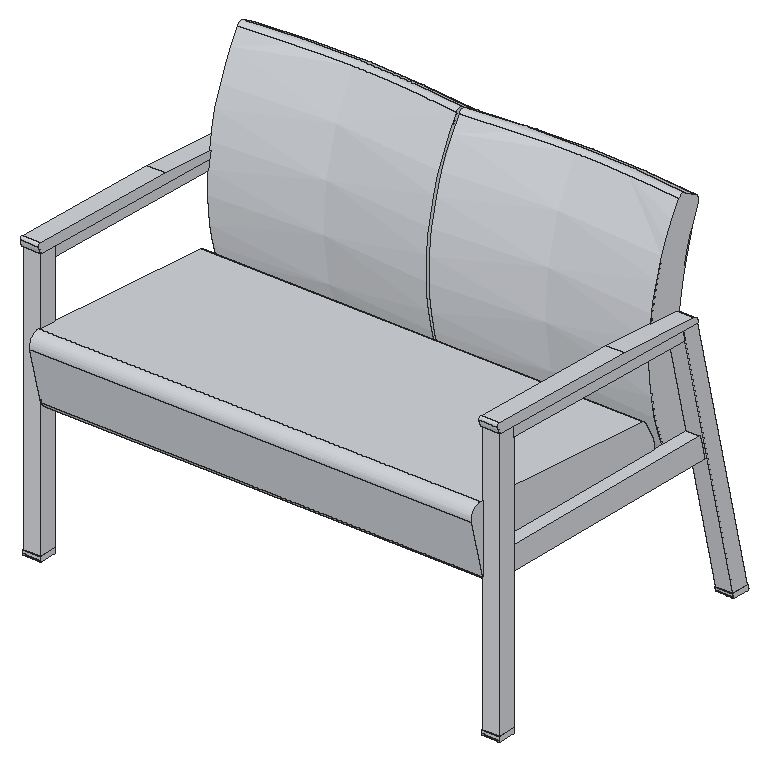
Revit family "Seat-LaZBoy-Kadia_Mod_Visitor_Seating-KAM20", category Furniture, Revit 2017
Family settings
  OmniClass Number = 23.40.20.00
  OmniClass Title = General Furniture and Specialties
  Work Plane-Based = No
  Always vertical = Yes
  Cut with Voids When Loaded = No
  Shared = No
  Room Calculation Point = No
Parameters (values of type "Load by Type Catalog")
  Width = 42.00"  # constant formula
  URL = "https://www.la-z-boy.com/"
  Seat Material [instance] = none
  Product Documentation Link = "URL"
  Model = "KAM20W"
  Manufacturer = "LaZBoy"
  Height = 33.25"  # constant formula
  Description = "2 Seat Guest Chair With Wood Arm Caps"
  Depth = 28.50"  # constant formula
  Copyright © = "Inc"
  Back Material [instance] = none
  Assembly Code = "E2020200"
  Armcap Material [instance] = none
  Arm Material [instance] = none
Reference planes (in)
  plane 1 "Center (Front/Back)": y = 0
  plane 2: z = 0
  plane 3 "Center (Left/Right)": x = 11.25
  plane 4: y = -14.25
  plane 5: x = -9.75
  plane 6: z = 33.25
  plane 7: y = 14.25
  plane 8: x = 32.25
  plane 9: x = -8.9375
  plane 10: x = 31.4375
  plane 11: x = 1.15625
  plane 12: x = 21.34375
  plane 13: y = 11.5704
Forms (in)
  Extrusion 1, solid, material <- "Seat Material"
    sketch origin (0, 0, 0) x (0, 1, 0) y (0, 0, 1)
      loop
        line (-14.20977, 17.31062) -> (-12.97981, 12.5796)
        arc (-12.97981, 12.5796) -> (-12.80573, 12.31297) -> (-12.50598, 12.20551) r 0.5
        line (-12.50598, 12.20551) -> (-11.38081, 12.18281)
        arc (-11.38081, 12.18281) -> (-11.29166, 12.21765) -> (-11.25325, 12.30532) r 0.12505
        line (-11.25325, 12.30532) -> (-11.20993, 14.45317) -> (5.29993, 14.12012)
        arc (5.29993, 14.12012) -> (5.65915, 14.23248) -> (5.8094, 14.57757) r 0.45291
        arc (5.8094, 14.57757) -> (5.74318, 15.0541) -> (5.56542, 15.50117) r 2.00636
        line (5.56542, 15.50117) -> (4.83996, 16.83345)
        arc (4.83996, 16.83345) -> (4.70704, 16.98141) -> (4.52178, 17.05378) r 0.43026
        arc (4.52178, 17.05378) -> (-4.32435, 18.04888) -> (-13.21148, 18.56177) r 163.74963
        arc (-13.21148, 18.56177) -> (-14.02361, 18.18593) -> (-14.20977, 17.31062) r 1
    from -8.1875 to 30.6875
  Sweep 2, solid, material <- "Back Material"
    path origin (22.5, -1.5, 0) x (-1, 0, 0) y (0, -1, 0)
      loop
        arc (-10.09375, -6.92517) -> (1.15625, -7.82281) -> (12.40625, -6.92517) r 70.94589
    profile origin (21.34375, 6.32281, 0) x (0, -1, 0) y (0, 0, 1)
      loop
        line (-3.5655, 32.99495) -> (-4.71401, 32.33185)
        arc (-4.71401, 32.33185) -> (-4.93628, 32.06306) -> (-4.92874, 31.71436) r 0.5
        arc (-4.92874, 31.71436) -> (-3.52285, 27.34395) -> (-2.71045, 22.82543) r 34.45688
        arc (-2.71045, 22.82543) -> (-2.6535, 21.40456) -> (-2.79866, 19.98997) r 10
        arc (-2.79866, 19.98997) -> (-3.52738, 16.86523) -> (-4.59893, 13.84086) r 28.8197
        arc (-4.59893, 13.84086) -> (-4.50884, 12.90083) -> (-3.6764, 12.45494) r 1
        line (-3.6764, 12.45494) -> (-2.13639, 12.45494)
        arc (-2.13639, 12.45494) -> (-1.87058, 12.53145) -> (-1.68612, 12.73757) r 0.5
        arc (-1.68612, 12.73757) -> (0.32773, 22.94208) -> (-2.89451, 32.8317) r 20.62466
        arc (-2.89451, 32.8317) -> (-3.1973, 33.04777) -> (-3.5655, 32.99495) r 0.5
  Extrusion 3, void
    sketch origin (22.5, 0, 0) x (-1, 0, 0) y (0, -1, 0)
      loop
        line (-8.125, -5.10559) -> (-8.125, -12.81994) -> (11.125, -12.81994) -> (11.125, -5.10559) -> (-8.125, -5.10559)
      loop
        line (-12.64211, -13.40268) -> (13.38776, -13.40268) -> (13.38776, -3.83736) -> (-12.64211, -3.83736) -> (-12.64211, -13.40268)
    from 0 to 36.64548
  Sweep 4, solid, material <- "Back Material"
    path origin (0, -1.5, 0) x (1, 0, 0) y (0, 1, 0)
      loop
        arc (-10.09375, 6.92517) -> (1.15625, 7.82281) -> (12.40625, 6.92517) r 70.94589
    profile origin (1.15625, 6.32281, 0) x (0, 1, 0) y (0, 0, 1)
      loop
        arc (3.5655, 32.99495) -> (3.1973, 33.04777) -> (2.89451, 32.8317) r 0.5
        arc (2.89451, 32.8317) -> (-0.32773, 22.94208) -> (1.68612, 12.73757) r 20.62466
        arc (1.68612, 12.73757) -> (1.87058, 12.53145) -> (2.13639, 12.45494) r 0.5
        line (2.13639, 12.45494) -> (3.6764, 12.45494)
        arc (3.6764, 12.45494) -> (4.50884, 12.90083) -> (4.59893, 13.84086) r 1
        arc (4.59893, 13.84086) -> (3.52738, 16.86523) -> (2.79866, 19.98997) r 28.8197
        arc (2.79866, 19.98997) -> (2.6535, 21.40456) -> (2.71045, 22.82543) r 10
        arc (2.71045, 22.82543) -> (3.52285, 27.34395) -> (4.92874, 31.71436) r 34.45688
        arc (4.92874, 31.71436) -> (4.93628, 32.06306) -> (4.71401, 32.33185) r 0.5
        line (4.71401, 32.33185) -> (3.5655, 32.99495)
  Extrusion 5, void
    sketch origin (0, 0, 0) x (1, 0, 0) y (0, 1, 0)
      loop
        line (-8.1875, 5.10559) -> (11.125, 5.10559) -> (11.125, 12.81994) -> (-8.1875, 12.81994) -> (-8.1875, 5.10559)
      loop
        line (-12.64211, 13.40268) -> (-12.64211, 3.83736) -> (13.36608, 3.83736) -> (13.36608, 13.40268) -> (-12.64211, 13.40268)
    from 0 to 36.64548
  Extrusion 6, solid, material <- "Arm Material"
    sketch origin (-48.375, 0, 0) x (0, 1, 0) y (0, 0, 1)
      loop
        line (-11.53552, 23.46763) -> (7.29722, 22.74599) -> (7.06924, 23.69802) -> (-11.53552, 24.41093) -> (-11.53552, 23.46763)
    from 38.6875 to 40.1875
  Extrusion 7, solid, material <- "Arm Material"
    sketch origin (-8, 0, 0) x (0, 1, 0) y (0, 0, 1)
      loop
        line (-11.53552, 23.46763) -> (7.29722, 22.74599) -> (7.06924, 23.69802) -> (-11.53552, 24.41093) -> (-11.53552, 23.46763)
    from 38.6875 to 40.1875
Cuts and joins
  Extrusion 5 cuts Sweep 4
  Extrusion 3 cuts Sweep 2
Lines and regions (in)
  Masking region 1
    outline origin (0, 0, 0) x (1, 0, 0) y (0, 1, 0)
      loop
        line (-7.8875, -14.25) -> (30.3875, -14.25)
        arc (30.3875, -14.25) -> (30.59963, -14.16213) -> (30.6875, -13.95) r 0.3
        line (30.6875, -13.95) -> (30.6875, 10.67409)
        arc (30.6875, 10.67409) -> (20.96902, 11.31096) -> (11.25, 10.68227) r 74.95118
        arc (11.25, 10.68227) -> (1.53098, 11.31096) -> (-8.1875, 10.67409) r 74.95118
        line (-8.1875, 10.67409) -> (-8.1875, -13.95)
        arc (-8.1875, -13.95) -> (-8.09963, -14.16213) -> (-7.8875, -14.25) r 0.3
  symbolic lines, detail levels medium+fine
    curve 1: arc (-8.1875, 5.37592, 0) -> (1.53125, 5.98914, 0) -> (11.25, 5.37592, 0) r 77.32027
    curve 2: arc (30.6875, 5.37592, 0) -> (20.96875, 5.98914, 0) -> (11.25, 5.37592, 0) r 77.32027
    curve 3: line (11.25, 5.37592, 0) -> (11.25, 10.68227, 0)
    curve 4: line (-8.1875, 5.31342, 0) -> (30.6875, 5.31342, 0)
Dimensions and locks (in)
  "Height": plane 6 to plane 2
  equal spacing: plane 7, plane 1 "Center (Front/Back)", plane 4
  "Depth": plane 4 to plane 7
  locked: plane 5 to plane 9 at 0.8125
  locked: plane 10 to plane 8 at 0.8125
  "Width": plane 5 to plane 8
  equal spacing: plane 5, plane 3 "Center (Left/Right)", plane 8
  equal spacing: plane 9, plane 11, plane 3 "Center (Left/Right)"
  equal spacing: plane 3 "Center (Left/Right)", plane 12, plane 10
  locked: plane 7 to plane 13 at 2.6796
  Extrusion 3 sketch curve to Extrusion 3 sketch curve = 19.25"
  Extrusion 5 sketch curve to Extrusion 5 sketch curve = 19.3125"
  aligned and locked: level to plane 2
  aligned and locked: plane 8 to nested 2
  aligned and locked: nested 1 to plane 5
  aligned and locked: Extrusion 1 to nested 2
  aligned and locked: nested 1 to Extrusion 1
  aligned and locked: plane 4 to Masking region 1 sketch curve
  aligned and locked: plane 1 "Center (Front/Back)" to nested 3
  aligned and locked: plane 3 "Center (Left/Right)" to nested 3
Automatic sketch dimensions
  curve 1 to plane 3 "Center (Left/Right)" = 0.00"
  plane 11 to curve 1 = 0.375"
  curve 2 to plane 12 = 0.375"
  plane 4 to curve 2 = 57.08112"
  curve 1 to curve 2 = 0.00"
  curve 3 to plane 1 "Center (Front/Back)" = 5.37592"
  plane 9 to curve 4 = 0.75"
  curve 1 to curve 4 = 0.00"
  plane 10 to curve 4 = 0.75"
  curve 2 to curve 4 = 0.00"
  curve 4 to curve 2 = 0.0625"
  plane 13 to curve 3 = 0.88814"
  plane 4 to Extrusion 1 sketch curve = 3.94909"
  Extrusion 1 sketch curve to plane 4 = 0.04023"
  Extrusion 1 sketch curve to Extrusion 1 sketch curve = 0.96783"
  Extrusion 1 sketch curve to plane 4 = 1.27019"
  Extrusion 1 sketch curve to Extrusion 1 sketch curve = 0.47383"
  Extrusion 1 sketch curve to Extrusion 1 sketch curve = 0.48391"
  Extrusion 1 sketch curve to Extrusion 1 sketch curve = 1.12518"
  Extrusion 1 sketch curve to Extrusion 1 sketch curve = 0.00252"
  Extrusion 1 sketch curve to Extrusion 1 sketch curve = 0.12503"
  Extrusion 1 sketch curve to Extrusion 1 sketch curve = 0.04333"
  Extrusion 1 sketch curve to plane 1 "Center (Front/Back)" = 3.80336"
  Extrusion 1 sketch curve to Extrusion 1 sketch curve = 0.65872"
  Extrusion 1 sketch curve to Extrusion 1 sketch curve = 0.37787"
  Extrusion 1 sketch curve to Extrusion 1 sketch curve = 1.49656"
  Extrusion 1 sketch curve to Extrusion 1 sketch curve = 0.05664"
  Extrusion 1 sketch curve to Extrusion 1 sketch curve = 0.20885"
  Extrusion 1 sketch curve to level = 145.11188"
  level to Extrusion 1 sketch curve = 12.18281"
  Extrusion 1 sketch curve to Extrusion 1 sketch curve = 0.0227"
  Extrusion 1 sketch curve to Extrusion 1 sketch curve = 0.12251"
  Extrusion 1 sketch curve to Extrusion 1 sketch curve = 0.37409"
  level to Extrusion 1 sketch curve = 14.12012"
  Extrusion 1 sketch curve to Extrusion 1 sketch curve = 0.42156"
  Extrusion 1 sketch curve to Extrusion 1 sketch curve = 0.44935"
  Extrusion 1 sketch curve to Extrusion 1 sketch curve = 0.9317"
  Extrusion 1 sketch curve to Extrusion 1 sketch curve = 1.12651"
  Extrusion 1 sketch curve to Extrusion 1 sketch curve = 0.20576"
  Extrusion 1 sketch curve to Extrusion 1 sketch curve = 2.85745"
  Extrusion 1 sketch curve to Extrusion 1 sketch curve = 0.25161"
  Extrusion 1 sketch curve to Extrusion 1 sketch curve = 0.00"
  Sweep 2 sketch curve to plane 12 = 0.00"
  plane 4 to Sweep 2 sketch curve = 50.37308"
  Sweep 2 sketch curve to plane 8 = 0.34375"
  Sweep 2 sketch curve to plane 3 "Center (Left/Right)" = 1.15625"
  Sweep 2 sketch curve to plane 1 "Center (Front/Back)" = 5.42517"
  profile plane to Sweep 2 sketch curve = 19.00091"
  profile plane to Sweep 2 sketch curve = 36.95443"
  Sweep 2 sketch curve to Sweep 2 sketch curve = 5.76835"
  Sweep 2 sketch curve to Sweep 2 sketch curve = 10.92633"
  Sweep 2 sketch curve to Sweep 2 sketch curve = 7.61108"
  profile plane to Sweep 2 sketch curve = 4.71401"
  Sweep 2 sketch curve to Sweep 2 sketch curve = 0.25"  (x2)
  profile plane to Sweep 2 sketch curve = 3.6764"
  Sweep 2 sketch curve to Sweep 2 sketch curve = 1.14852"
  Sweep 2 sketch curve to Sweep 2 sketch curve = 1.54001"
  profile plane to Sweep 2 sketch curve = 13.45494"
  Sweep 2 sketch curve to Sweep 2 sketch curve = 0.50"
  Sweep 2 sketch curve to Sweep 2 sketch curve = 1.00"
  Sweep 2 sketch curve to Sweep 2 sketch curve = 2.70311"
  Sweep 2 sketch curve to Sweep 2 sketch curve = 0.01147"
  Sweep 2 sketch curve to Sweep 2 sketch curve = 5.96196"
  Sweep 2 sketch curve to Sweep 2 sketch curve = 10.18335"
  Sweep 2 sketch curve to Sweep 2 sketch curve = 0.43301"  (x2)
  Sweep 2 sketch curve to Sweep 2 sketch curve = 0.6631"
  Sweep 2 sketch curve to Sweep 2 sketch curve = 0.00"  (x4)
  Extrusion 3 sketch curve to plane 8 = 2.89211"
  plane 10 to Extrusion 3 sketch curve = 0.8125"
  plane 3 "Center (Left/Right)" to Extrusion 3 sketch curve = 0.125"
  Extrusion 3 sketch curve to plane 3 "Center (Left/Right)" = 2.13776"
  Extrusion 3 sketch curve to plane 7 = 0.84732"
  Extrusion 3 sketch curve to plane 13 = 1.24954"
  Extrusion 3 sketch curve to plane 1 "Center (Front/Back)" = 5.10559"
  Extrusion 3 sketch curve to plane 1 "Center (Front/Back)" = 3.83736"
  Sweep 4 sketch curve to plane 11 = 0.00"
  plane 4 to Sweep 4 sketch curve = 50.37308"
  Sweep 4 sketch curve to plane 5 = 0.34375"
  plane 3 "Center (Left/Right)" to Sweep 4 sketch curve = 1.15625"
  Sweep 4 sketch curve to plane 1 "Center (Front/Back)" = 5.42517"
  Sweep 4 sketch curve to profile plane = 2.13639"
  Sweep 4 sketch curve to profile plane = 3.3155"
  Sweep 4 sketch curve to Sweep 4 sketch curve = 0.25"  (x2)
  Sweep 4 sketch curve to Sweep 4 sketch curve = 1.54001"
  Sweep 4 sketch curve to Sweep 4 sketch curve = 1.14852"
  Sweep 4 sketch curve to Sweep 4 sketch curve = 8.97226"
  Sweep 4 sketch curve to Sweep 4 sketch curve = 7.61108"
  Sweep 4 sketch curve to Sweep 4 sketch curve = 10.92633"
  Sweep 4 sketch curve to Sweep 4 sketch curve = 5.76835"
  profile plane to Sweep 4 sketch curve = 12.45494"
  Sweep 4 sketch curve to Sweep 4 sketch curve = 0.50"
  Sweep 4 sketch curve to Sweep 4 sketch curve = 1.00"
  profile plane to Sweep 4 sketch curve = 19.00091"
  Sweep 4 sketch curve to Sweep 4 sketch curve = 2.70311"
  Sweep 4 sketch curve to Sweep 4 sketch curve = 0.01147"
  Sweep 4 sketch curve to Sweep 4 sketch curve = 5.96196"
  Sweep 4 sketch curve to Sweep 4 sketch curve = 10.18335"
  Sweep 4 sketch curve to Sweep 4 sketch curve = 0.43301"  (x2)
  Sweep 4 sketch curve to Sweep 4 sketch curve = 0.6631"
  Sweep 4 sketch curve to Sweep 4 sketch curve = 0.00"  (x3)
  Sweep 4 sketch curve to profile plane = 2.71045"
  Extrusion 5 sketch curve to plane 5 = 2.89211"
  plane 9 to Extrusion 5 sketch curve = 0.75"
  Extrusion 5 sketch curve to plane 3 "Center (Left/Right)" = 0.125"
  plane 3 "Center (Left/Right)" to Extrusion 5 sketch curve = 2.11608"
  Extrusion 5 sketch curve to plane 1 "Center (Front/Back)" = 3.83736"
  Extrusion 5 sketch curve to Extrusion 5 sketch curve = 1.26823"
  Extrusion 5 sketch curve to plane 13 = 1.24954"
  Extrusion 5 sketch curve to plane 7 = 0.84732"
  Masking region 1 sketch curve to plane 3 "Center (Left/Right)" = 0.00"
  plane 11 to Masking region 1 sketch curve = 0.40625"
  plane 9 to Masking region 1 sketch curve = 1.05"
  Masking region 1 sketch curve to plane 4 = 0.30"  (x2)
  Masking region 1 sketch curve to plane 12 = 0.40625"
  plane 10 to Masking region 1 sketch curve = 1.05"
  plane 4 to Masking region 1 sketch curve = 49.39022"
  Masking region 1 sketch curve to Masking region 1 sketch curve = 0.00"
  plane 13 to Masking region 1 sketch curve = 0.89631"
  Extrusion 6 sketch curve to plane 4 = 2.71448"
  plane 13 to Extrusion 6 sketch curve = 4.50116"
  Extrusion 6 sketch curve to Extrusion 6 sketch curve = 0.22798"
  Extrusion 6 sketch curve to plane 6 = 10.50401"
  Extrusion 6 sketch curve to plane 6 = 9.78237"
  Extrusion 6 sketch curve to Extrusion 6 sketch curve = 0.95203"
  Extrusion 6 sketch curve to Extrusion 6 sketch curve = 0.9433"
  Extrusion 7 sketch curve to plane 4 = 2.71448"
  plane 13 to Extrusion 7 sketch curve = 4.50116"
  Extrusion 7 sketch curve to Extrusion 7 sketch curve = 0.22798"
  Extrusion 7 sketch curve to plane 6 = 10.50401"
  Extrusion 7 sketch curve to plane 6 = 9.78237"
  Extrusion 7 sketch curve to Extrusion 7 sketch curve = 0.95203"
  Extrusion 7 sketch curve to Extrusion 7 sketch curve = 0.9433"
Nested families (in)
  nested 1: "KAM-Legs" at (-8.9375, -0.62521, 0), type "Standard"
  nested 2: "KAM-Legs" at (31.4375, -0.62521, 0) x (-1, 0, 0) z (0, 0, 1), type "Standard"
  nested 3: "Label 1-16" at (11.25, 0, 0), type "Center", detail levels fine
    with Offset (LR) 0.00"
Definition of nested family "KAM-Legs"
  Parameters (values of type "Standard")
    URL = ""
    Model = ""
    Manufacturer = ""
    Description = ""
    Assembly Code = "E2020200"
    Armcap Material = none
    Arm Material = none
  Reference planes (in)
    plane 1 "Center (Front/Back)": y = 0
    plane 2: z = 0
    plane 3 "Center (Left/Right)": x = 0
    plane 4 "Left": x = -0.75
    plane 5 "Right": x = 0.75
    plane 6 "Top": z = 7.875
    plane 7: z = 3.9375
    plane 8: y = 14.87521
    plane 9: y = -12.70677
    plane 10: x = -0.8125
    plane 11: x = 0.8125
  Forms (in)
    Extrusion 1, solid, material <- "Arm Material"
      sketch origin (0, 0, 0) x (0, 1, 0) y (0, 0, 1)
        loop
          line (14.77719, 0.5562) -> (9.21278, 23.70234) -> (7.67912, 23.76206) -> (13.2361, 0.5562) -> (14.77719, 0.5562)
        loop
          line (-10.91031, 0.54831) -> (-10.91031, 24.62591) -> (-12.39735, 24.62591) -> (-12.39735, 0.54831) -> (-10.91031, 0.54831)
      from -0.75 to 0.75
    Extrusion 2, solid, material <- "Armcap Material"
      sketch origin (0, 0, 0) x (0, 1, 0) y (0, 0, 1)
        loop
          line (9.31962, 23.63575) -> (9.28113, 23.81681)
          arc (9.28113, 23.81681) -> (9.14966, 24.04635) -> (8.90912, 24.15643) r 0.43259
          arc (8.90912, 24.15643) -> (5.08499, 24.53404) -> (1.2488, 24.75811) r 95.87237
          line (1.2488, 24.75811) -> (-12.47645, 25.28404)
          arc (-12.47645, 25.28404) -> (-12.65161, 25.20907) -> (-12.70444, 25.026) r 0.22237
          arc (-12.70444, 25.026) -> (-12.635, 24.74221) -> (-12.52223, 24.47269) r 1.87069
          line (-12.52223, 24.47269) -> (9.31962, 23.63575)
      from -0.8125 to 0.8125
    Extrusion 3, solid
      sketch origin (0, 0.00399, 0) x (1, 0, 0) y (0, 1, 0)
        loop
          circle (0, 14.05016) r 0.56382
        loop
          circle (0, -11.66859) r 0.56382
      from 0 to 0.262
    Extrusion 4, solid, material <- "Arm Material"
      sketch origin (0, 0, 0) x (0, 1, 0) y (0, 0, 1)
        loop
          line (9.94865, 14.28456) -> (-10.91031, 14.70467) -> (-10.91031, 12.70427) -> (10.42999, 12.27446) -> (9.94865, 14.28456)
      from 0.75 to -0.5
    Extrusion 5, solid
      sketch origin (0, 0, 0) x (0, 1, 0) y (0, 0, 1)
        loop
          line (14.80347, 0.5562) -> (13.20606, 0.5562) -> (13.28835, 0.19977)
          arc (13.28835, 0.19977) -> (13.33819, 0.12079) -> (13.42636, 0.09) r 0.14163
          line (13.42636, 0.09) -> (14.75158, 0.09)
          arc (14.75158, 0.09) -> (14.85088, 0.1379) -> (14.87521, 0.24543) r 0.12689
          line (14.87521, 0.24543) -> (14.80347, 0.5562)
        loop
          line (-10.88531, 0.54831) -> (-12.43327, 0.54831) -> (-12.43327, 0.21253)
          arc (-12.43327, 0.21253) -> (-12.39854, 0.12868) -> (-12.31468, 0.09394) r 0.11859
          line (-12.31468, 0.09394) -> (-11.00771, 0.09394)
          arc (-11.00771, 0.09394) -> (-10.92116, 0.12979) -> (-10.88531, 0.21634) r 0.1224
          line (-10.88531, 0.21634) -> (-10.88531, 0.54831)
      from 0.79 to -0.79
  Lines and regions (in)
    Masking region 1
      outline origin (0, 0, 0) x (1, 0, 0) y (0, 1, 0)
        loop
          line (-0.75, 14.87521) -> (-0.75, 9.31962) -> (-0.8125, 9.31962) -> (-0.8125, -12.70677) -> (0.8125, -12.70677) -> (0.8125, 9.31962) -> (0.75, 9.31962) -> (0.75, 14.87521) -> (-0.75, 14.87521)
    symbolic lines, detail levels medium+fine
      curve 1: line (-0.75, 9.31962, 0) -> (0.75, 9.31962, 0)
  Dimensions and locks (in)
    equal spacing: plane 4 "Left", plane 3 "Center (Left/Right)", plane 5 "Right"
    plane 2 to plane 6 "Top" = 7.875"
    equal spacing: plane 6 "Top", plane 7, plane 2
    aligned and locked: level to plane 2
    aligned and locked: Masking region 1 sketch curve to plane 8
    aligned and locked: Masking region 1 sketch curve to plane 4 "Left"
    aligned and locked: plane 5 "Right" to Masking region 1 sketch curve
    aligned and locked: Masking region 1 sketch curve to plane 9
    aligned and locked: Masking region 1 sketch curve to Extrusion 2
    aligned and locked: Extrusion 2 to Masking region 1 sketch curve
  Automatic sketch dimensions
    Extrusion 3 sketch curve to plane 3 "Center (Left/Right)" = 0.00"  (x2)
    Extrusion 4 sketch curve to Extrusion 4 sketch curve = 0.48135"
    Extrusion 4 sketch curve to plane 6 "Top" = 4.39946"
    Extrusion 4 sketch curve to plane 6 "Top" = 4.82927"
    Extrusion 3 sketch curve to plane 1 "Center (Front/Back)" = 14.05415"
    Extrusion 4 sketch curve to plane 6 "Top" = 6.40956"
    plane 1 "Center (Front/Back)" to Extrusion 3 sketch curve = 11.6646"
    Extrusion 1 sketch curve to plane 9 = 0.30942"
    Extrusion 1 sketch curve to Extrusion 1 sketch curve = 1.48705"
    Extrusion 1 sketch curve to plane 8 = 0.09802"
    level to Extrusion 1 sketch curve = 0.54831"
    level to Extrusion 1 sketch curve = 0.5562"
    Extrusion 1 sketch curve to plane 6 "Top" = 16.75091"
    Extrusion 1 sketch curve to plane 8 = 7.19609"
    Extrusion 1 sketch curve to Extrusion 1 sketch curve = 1.53366"
    Extrusion 1 sketch curve to Extrusion 1 sketch curve = 1.54109"
    Extrusion 1 sketch curve to Extrusion 1 sketch curve = 0.05972"
    Extrusion 1 sketch curve to plane 6 "Top" = 15.82734"
    Extrusion 4 sketch curve to Extrusion 4 sketch curve = 2.00041"
    Extrusion 4 sketch curve to plane 9 = 1.79647"
    Extrusion 4 sketch curve to plane 8 = 4.44522"
    Extrusion 2 sketch curve to plane 9 = 0.18455"
    Extrusion 2 sketch curve to plane 9 = 0.2218"
    Extrusion 2 sketch curve to Extrusion 2 sketch curve = 0.00851"
    Extrusion 2 sketch curve to Extrusion 2 sketch curve = 1.61828"
    plane 1 "Center (Front/Back)" to Extrusion 2 sketch curve = 2.42217"
    Extrusion 2 sketch curve to plane 1 "Center (Front/Back)" = 1.2488"
    Extrusion 2 sketch curve to plane 8 = 6.01722"
    Extrusion 2 sketch curve to Extrusion 2 sketch curve = 0.42314"
    Extrusion 2 sketch curve to Extrusion 2 sketch curve = 0.03849"
    Extrusion 2 sketch curve to level = 71.04395"
    Extrusion 2 sketch curve to plane 6 "Top" = 15.76075"
    Extrusion 2 sketch curve to Extrusion 2 sketch curve = 0.09112"
    Extrusion 2 sketch curve to Extrusion 2 sketch curve = 0.18106"
    Extrusion 2 sketch curve to plane 6 "Top" = 16.59769"
    Extrusion 2 sketch curve to Extrusion 2 sketch curve = 1.03124"
    Extrusion 2 sketch curve to Extrusion 2 sketch curve = 0.58913"
    Extrusion 2 sketch curve to Extrusion 2 sketch curve = 0.22221"
    Extrusion 2 sketch curve to Extrusion 2 sketch curve = 0.04331"
    Extrusion 5 sketch curve to plane 8 = 0.00"
    Extrusion 5 sketch curve to plane 8 = 0.07175"
    Extrusion 5 sketch curve to plane 8 = 0.12364"
    level to Extrusion 5 sketch curve = 0.23163"
    Extrusion 5 sketch curve to Extrusion 5 sketch curve = 1.32522"
    level to Extrusion 5 sketch curve = 0.19977"
    Extrusion 5 sketch curve to Extrusion 5 sketch curve = 0.138"
    level to Extrusion 5 sketch curve = 0.5562"
    Extrusion 5 sketch curve to Extrusion 5 sketch curve = 0.08229"
    level to Extrusion 5 sketch curve = 0.21634"
    Extrusion 5 sketch curve to plane 9 = 1.82147"
    Extrusion 5 sketch curve to Extrusion 5 sketch curve = 0.1224"
    Extrusion 5 sketch curve to plane 9 = 0.39209"
    Extrusion 5 sketch curve to plane 9 = 0.2735"
    Extrusion 5 sketch curve to Extrusion 5 sketch curve = 0.12689"
    Extrusion 5 sketch curve to Extrusion 5 sketch curve = 0.33578"
    Masking region 1 sketch curve to plane 8 = 5.5556"
    Masking region 1 sketch curve to Masking region 1 sketch curve = 0.00"
    curve 1 to plane 4 "Left" = 0.00"
    curve 1 to plane 5 "Right" = 0.00"
    curve 1 to plane 8 = 5.5556"
    radius of Extrusion 3 sketch curve = 0.56382"  (x2)
Definition of nested family "Label 1-16"
  Parameters (values of type "Center")
    P_Width = 0.00"
    Text_Width = "Empty"
    Text_Height = "Empty"
    Text_Diameter = "Empty"
    Text_Depth = "Empty"
    Offset (LR) [instance] = 0.00"
    Model Name = "6961"
    P_Height = 0.00"
    Distance of Center (not Change) = 0.00"
    P_Diameter = 0.00"
    P_Depth = 0.00"
  Reference planes (in)
    plane 1: y = 0
    plane 2: x = 0
  Lines and regions (in)
    reference lines
      curve 1: line (-0.44359, 0, 0) -> (0.41085, 0, 0)
      curve 3: line (0, 0.32564, 0) -> (0, -0.40221, 0)
    reference lines, not visible
      curve 2: line (-0.44359, 0.09843, 0) -> (0.41085, 0.09843, 0)
      curve 4: line (0, 0.42407, 0) -> (0, -0.30379, 0)
  Text (in)
    label "Empty" at (0.00197, -0.0079, 0), shows "Model Name"
    label "Empty" at (0.00197, 0.09052, 0), shows "Model Name", not visible
  Dimensions and locks (in)
    "Distance of Center (not Change)": plane 1 to curve 1
    "Offset (LR)": curve 3 to plane 2
  Automatic sketch dimensions
    curve 1 to curve 3 = 0.44359"
    curve 3 to curve 1 = 0.41085"
    curve 3 to curve 1 = 0.40221"
    curve 1 to curve 3 = 0.32564"
    curve 2 to curve 4 = 0.44359"
    curve 4 to curve 2 = 0.41085"
    curve 4 to curve 2 = 0.40221"
    curve 2 to curve 4 = 0.32564"
Types in the file's own list only (3): name | Model | Description
  Wood Arm Caps | "KAM20W" | "2 Seat Guest Chair With Wood Arm Caps"
  Urethane Arm Caps | "KAM20U" | "2 Seat Guest Chair With Urethane Arm Caps"
  Solid Surface Arm Caps | "KAM20J" | "2 Seat Guest Chair With Solid Surface Arm Caps"
